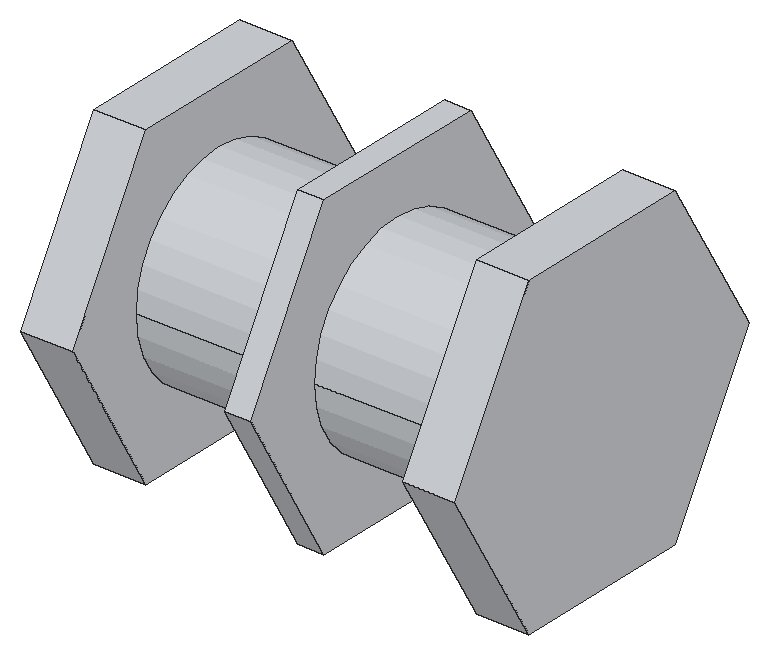
Revit family "d488b56c38f34ea5b299776eca136f0e", category Conduit Fittings, Revit 2021
Family settings
  Round Connector Dimension = Use Radius
  Part Type = Union
  OmniClass Number = 23.80.30.17.11
  OmniClass Title = Conduits
  Work Plane-Based = No
  Always vertical = Yes
  Cut with Voids When Loaded = No
  Shared = No
Parameters (values of type "Standard")
  Nut Thickness 2 [instance] = Fitting Outside Radius / 2  # 23/128"
  Nut Thickness 1 [instance] = Fitting Outside Radius / 4  # 23/256"
  Nut Flat Size [instance] = size_lookup(Conduit Size Lookup, "NFS", 1.16 * Nominal Diameter + 87/256", Nominal Diameter)  # 1 3/32"
  Nominal Radius [instance] = 1/4"
  Nominal Diameter [instance] = Nominal Radius * 2  # 1/2"
  Length 6 [instance] = Length / 3  # 1/2"
  Length 5 [instance] = 0.1 * Length  # 0.15"
  Length 4 [instance] = Length 2 * cos(30.00°)  # 35/64"
  Length 3 [instance] = Length 2 * sin(30.00°)  # 0.31574"
  Length 2 [instance] = Nut Flat Size / (2 * cos(30.00°))  # 0.63148"
  Fitting Outside Radius [instance] = Fitting Outside Diameter / 2  # 23/64"
  Fitting Outside Diameter [instance] = size_lookup(Conduit Size Lookup, "FOD", 1.11 * Nominal Diameter + 13/128", Nominal Diameter)  # 23/32"
  Length [instance] = size_lookup(Conduit Size Lookup, "Lgt", 1.52 * Nominal Diameter + 1 113/128", Nominal Diameter)  # 1 1/2"
  Default Elevation = 0' - 0"
  Conduit Size Lookup = "Conduit Coupling - Compression - Die Cast Zinc"
Reference planes (in)
  plane 1 "Center (Front/Back)": y = 0
  plane 2: z = 0
  plane 3 "Center (Left/Right)": x = 0
  plane 4: x = 0.17969
  plane 5: x = 1.5
  plane 6: x = 1.32031
  plane 7: y = 0.31574
  plane 8: z = 0.54687
  plane 9: z = -0.54687
  plane 10: y = -0.31574
  plane 11: y = 0.63148
  plane 12: y = -0.63148
  plane 13: x = 0.75
  plane 14: x = 0.79492
  plane 15: x = 0.70508
Forms (in)
  Extrusion 1, solid, detail levels fine
    sketch origin (0.82031, 1.01935, 48) x (0, 1, 0) y (0, 0, 1)
      loop
        line (-0.70361, -47.45312) -> (-1.33509, -47.45312) -> (-1.65083, -48) -> (-1.33509, -48.54688) -> (-0.70361, -48.54687) -> (-0.38787, -48) -> (-0.70361, -47.45312)
    from -0.82031 to -0.64062
  Extrusion 2, solid, detail levels fine
    sketch origin (0.82031, 1.01935, 48) x (0, 1, 0) y (0, 0, 1)
      loop
        line (-0.70361, -47.45312) -> (-1.33509, -47.45312) -> (-1.65083, -48) -> (-1.33509, -48.54688) -> (-0.70361, -48.54687) -> (-0.38787, -48) -> (-0.70361, -47.45312)
    from 0.5 to 0.67969
  Extrusion 3, solid, detail levels fine
    sketch origin (0.82031, 1.01935, 48) x (0, 1, 0) y (0, 0, 1)
      loop
        circle (-1.01935, -48) r 0.35938
    from -0.64062 to 0.5
  Extrusion 4, solid, detail levels fine
    sketch origin (0.82031, 1.01935, 48) x (0, 1, 0) y (0, 0, 1)
      loop
        circle (-1.01935, -48) r 0.125
    from -0.82031 to 0.67969
  Extrusion 5, solid, detail levels fine
    sketch origin (0.82031, 1.01935, 48) x (0, 1, 0) y (0, 0, 1)
      loop
        line (-0.70361, -47.45312) -> (-1.33509, -47.45312) -> (-1.65083, -48) -> (-1.33509, -48.54687) -> (-0.70361, -48.54687) -> (-0.38787, -48) -> (-0.70361, -47.45312)
    from -0.11523 to -0.02539
Cuts and joins
  joined: Extrusion 1, Extrusion 2, Extrusion 3, Extrusion 4, Extrusion 5
Lines and regions (in)
  model lines, detail levels coarse+medium
    curve 1: line (0, 0, 0) -> (1.5, 0, 0)
Dimensions and locks (in)
  "Nut Thickness 2": plane 3 "Center (Left/Right)" to plane 4
  "Length": plane 3 "Center (Left/Right)" to plane 5
  "Nut Thickness 2": plane 6 to plane 5
  "Length 4": plane 8 to plane 2
  equal spacing: plane 9, plane 2, plane 8
  "Length 3": plane 7 to plane 1 "Center (Front/Back)"
  equal spacing: plane 7, plane 1 "Center (Front/Back)", plane 10
  "Length 2": plane 11 to plane 1 "Center (Front/Back)"
  equal spacing: plane 11, plane 1 "Center (Front/Back)", plane 12
  "Length 2": plane 1 "Center (Front/Back)" to Extrusion 1 sketch curve  (x2)
  "Length 2": plane 1 "Center (Front/Back)" to Extrusion 2 sketch curve  (x2)
  equal spacing: plane 3 "Center (Left/Right)", plane 13, plane 5
  equal spacing: plane 15, plane 13, plane 14
  "Nut Thickness 1": plane 15 to plane 14
  "Length 2": plane 1 "Center (Front/Back)" to Extrusion 5 sketch curve  (x4)
  "Fitting Outside Radius": radius of Extrusion 3 sketch curve
  radius of Extrusion 4 sketch curve = 0' - 0 1/8"
  aligned and locked: plane 10 to Extrusion 1 sketch curve  (x3)
  aligned and locked: Extrusion 1 sketch curve to plane 8
  aligned and locked: plane 8 to Extrusion 1 sketch curve
  aligned and locked: plane 2 to Extrusion 1 sketch curve  (x2)
  aligned and locked: plane 12 to Extrusion 1 sketch curve
  aligned and locked: plane 7 to Extrusion 1 sketch curve
  aligned and locked: plane 9 to Extrusion 1 sketch curve
  aligned and locked: plane 11 to Extrusion 1 sketch curve
  aligned and locked: Extrusion 1 to plane 3 "Center (Left/Right)"
  aligned and locked: plane 4 to Extrusion 1
  aligned and locked: plane 10 to Extrusion 2 sketch curve  (x2)
  aligned and locked: plane 8 to Extrusion 2 sketch curve  (x2)
  aligned and locked: plane 12 to Extrusion 2 sketch curve
  aligned and locked: plane 2 to Extrusion 2 sketch curve  (x2)
  aligned and locked: plane 9 to Extrusion 2 sketch curve
  aligned and locked: plane 7 to Extrusion 2 sketch curve  (x2)
  aligned and locked: Extrusion 2 to plane 6
  aligned and locked: plane 5 to Extrusion 2
  aligned and locked: plane 1 "Center (Front/Back)" to Extrusion 3 sketch curve
  aligned and locked: plane 2 to Extrusion 3 sketch curve
  aligned and locked: Extrusion 3 to plane 4
  aligned and locked: plane 6 to Extrusion 3
  aligned and locked: plane 1 "Center (Front/Back)" to Extrusion 4 sketch curve
  aligned and locked: plane 2 to Extrusion 4 sketch curve
  aligned and locked: Extrusion 4 to plane 3 "Center (Left/Right)"
  aligned and locked: plane 5 to Extrusion 4
  aligned and locked: plane 3 "Center (Left/Right)" to curve 1
  aligned and locked: plane 5 to curve 1
  aligned and locked: plane 1 "Center (Front/Back)" to curve 1
  aligned and locked: Extrusion 5 sketch curve to plane 8
  aligned and locked: plane 10 to Extrusion 5 sketch curve  (x2)
  aligned and locked: plane 12 to Extrusion 5 sketch curve
  aligned and locked: plane 9 to Extrusion 5 sketch curve  (x2)
  aligned and locked: plane 2 to Extrusion 5 sketch curve  (x2)
  aligned and locked: plane 15 to Extrusion 5
  aligned and locked: plane 14 to Extrusion 5
Connectors (in)
  cabletrayconduit at (0, 0, 0), diameter 0.5, driven by "Nominal Radius"
    settings: on Extrusion 4, index 1, connector width 1' - 0", connector height 1' - 0", connector angle 0.00°, system type 32, placement type 0, profile type 0, connector reference index 2, is primary connector yes, connector utility param no, connector description ""
  cabletrayconduit at (1.5, 0, 0), diameter 0.5, driven by "Nominal Radius"
    settings: on Extrusion 4, index 2, connector width 1' - 0", connector height 1' - 0", connector angle 0.00°, system type 32, placement type 0, profile type 0, connector reference index 1, is primary connector no, connector utility param no, connector description ""
